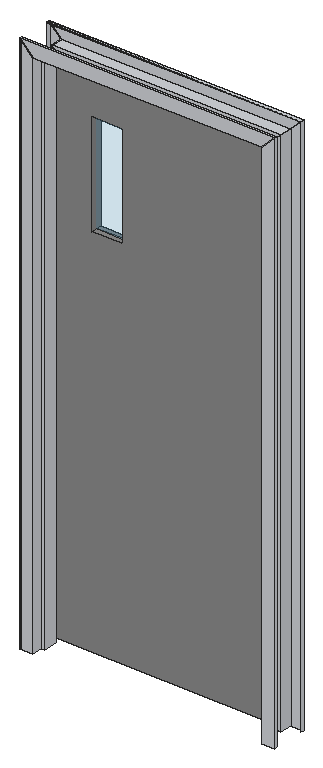
Revit family "Ext-N-MDMF-36 x 84", category Doors, host Wall, Revit 2014
Parameters (values of type "Ext-N-MDMF-36" x 84"")
  Width = Door Panel Width  # 3' - 0"
  Wall Thickness [instance] = 0' - 5 3/4"
  URL = ""
  Type Comments = "EXT,"
  Thickness = 0' - 1 3/4"
  Swing Angle [instance] = 90.00°
  SDI RO Spacing = 0' - 0"
  SDI Panel 1 Width = Leaf Width + 0' 0 3/16"  # 3' - 0"
  SDI No Panels = ""
  SDI HW Set [instance] = ""
  SDI HW Item LO-2 [instance] = ""
  SDI HW Item LO-1 [instance] = ""
  SDI HW Item KP-2 [instance] = ""
  SDI HW Item KP-1 [instance] = ""
  SDI HW Item HI-2 [instance] = ""
  SDI HW Item HI-1 [instance] = ""
  SDI HW Item HC-2 [instance] = ""
  SDI HW Item HC-1 [instance] = ""
  SDI HW Item ED-2 [instance] = ""
  SDI HW Item ED-1 [instance] = ""
  SDI HW Item DO-2 [instance] = ""
  SDI HW Item DO-1 [instance] = ""
  SDI HW Item CL-2 [instance] = ""
  SDI HW Item CL-1 [instance] = ""
  SDI Glass Material = Glass
  SDI Frame Type = "3 Piece"
  SDI Frame Material Type = "Hollow Metal"
  SDI Frame Material = Paint - Generic - Prime
  SDI Frame Manufacturer = ""
  SDI Frame Jamb Width = 0' - 2"
  SDI Frame Head Width = 0' - 2"
  SDI Frame Finish Type = "Painted"
  SDI Frame Finish Color = "Prime"
  SDI Frame Depth [instance] = 0' - 5 3/4"
  SDI Family Version = "1.0"
  SDI Door Top Rail Width = 0' - 7 3/4"
  SDI Door Stile Width = 0' - 6"
  SDI Door Panel Type = "N"
  SDI Door Material Type = "Hollow Metal"
  SDI Door Material = Paint - Generic - Prime
  SDI Door Manufacturer = ""
  SDI Door Glass Type = "1/4\" Tempered"
  SDI Door Finish Type = "Painted"
  SDI Door Finish Color = "Prime"
  SDI Door Configuration = "SG"
  SDI Door Bottom Rail Width = 5' - 0"
  SDI Arch Frame Type [instance] = ""
  SDI Arch Frame Material Type [instance] = "HM"
  SDI Arch Door Panel Type [instance] = "N"
  SDI Arch Door Material Type [instance] = "HM"
  Rough Width = Frame Width - 0' 0" + 2 * SDI RO Spacing  # 3' - 4"
  Rough Height = Frame Height - 0' 0" + SDI RO Spacing  # 7' - 2"
  R1 Height = 7' - 0"
  P1 Width = 3' - 2"
  Model = "Ext-N-MDMF-36\" x 84\""
  Manufacturer = ""
  Leaf Width = P1 Width - 0' 2 3/16"  # 2' - 11 13/16"
  Height = Door Panel Height  # 7' - 0"
  Glass Offset [instance] = 0' 2 1/16" + (SDI Frame Depth - 0' 5 3/4") / 2  # 0' - 2 1/16"
  Function = Exterior
  Frame Width = P1 Width + 0' 2"  # 3' - 4"
  Frame Offset [instance] = if(Aligned Exterior, SDI Frame Depth / 2, if(Aligned Center, Wall Thickness / 2, if(Aligned Interior, Wall Thickness - SDI Frame Depth + SDI Frame Depth / 2, Aligned Other)))  # 0' - 2 7/8"
  Frame Height = R1 Height + 0' 2"  # 7' - 2"
  Fire Rating = ""
  Exterior Glazing [instance] = no
  Door Panel Width = P1 Width - 0' 2"  # 3' - 0"
  Door Panel Height = R1 Height + 0' 2" - (0' 2")  # 7' - 0"
  Door Offset [instance] = 0' 2 13/16" + (SDI Frame Depth - 0' 5 3/4") / 2  # 0' - 2 13/16"
  Description = "Hollow Metal Door with Hollow Metal Frame"
  Cost = 0
  Assembly Code = "B2030120"
  Analytic Construction = "<None>"
  Aligned Other [instance] = 0' - 0"
  Aligned Interior [instance] = no
  Aligned Exterior [instance] = yes
  Aligned Center [instance] = no
  ADA Clearance Lines = no
Reference planes (in)
  plane 1: y = 0
  plane 2 "Center (Left/Right)": x = 0
  plane 3 "Wall Edge": y = 2.875
  plane 4 "Wall Interior": y = -2.875
  plane 5 "ModelRefLevel": z = 0
  plane 6 "FrameDepthPlane": y = 0
  plane 7 "FrameFront": y = 2.875
  plane 8 "FrameBack": y = -2.875
  plane 9 "V0": x = 19
  plane 10 "V1": x = -19
  plane 11 "H0": z = 1
  plane 12 "H1": z = 85
  plane 13 "DoorLeft": x = 18
  plane 14 "DoorRight": x = -18
  plane 15 "DoorCenter": x = 0
  plane 16 "DoorTop": z = 83.875
  plane 17 "DoorCenterTB": z = 41.9375
  plane 18 "DoorExtFace": y = 2.8125
  plane 19 "DoorGlassFace": y = 2.0625
  plane 20 "LockCenterLine": z = 41.3125
  plane 21 "DoorExtFace1": y = 2.0625
  plane 22 "GlassLeft1": x = -6.90625
  plane 23 "GlassRight1": x = -11.90625
  plane 24 "ActDoorLeft": x = 17.90625
  plane 25 "SwingClrPlane": y = 62.875
  plane 26 "SwingPartialPlane": y = 50.875
Forms (in)
  Extrusion 1, solid
    sketch origin (138.6875, 0, 43) x (-1, 0, 0) y (0, -1, 0)
      loop
        line (118.6875, -2.375) -> (118.6875, -2.875) -> (120.6875, -2.875) -> (120.6875, -0.9375) -> (121.3125, -0.9375) -> (121.3125, 1.3125) -> (120.6875, 1.3125) -> (120.6875, 2.875) -> (118.6875, 2.875) -> (118.6875, 2.4375) -> (118.75, 2.4375) -> (118.75, 2.8125) -> (120.625, 2.8125) -> (120.625, 1.25) -> (121.25, 1.25) -> (121.25, -0.875) -> (120.625, -0.875) -> (120.625, -2.8125) -> (118.75, -2.8125) -> (118.75, -2.375) -> (118.6875, -2.375)
    from -43 to 43
  Extrusion 2, void
    sketch origin (0, 2.875, 0) x (1, 0, 0) y (0, 0, 1)
      loop
        line (20, 86) -> (17.375, 86) -> (17.375, 83.375) -> (20, 86)
    from -12 to 12
  Extrusion 3, solid
    sketch origin (101.3125, 0, 43) x (-1, 0, 0) y (0, -1, 0)
      loop
        line (121.25, -2.375) -> (121.25, -2.8125) -> (119.375, -2.8125) -> (119.375, -0.875) -> (118.75, -0.875) -> (118.75, 1.25) -> (119.375, 1.25) -> (119.375, 2.8125) -> (121.25, 2.8125) -> (121.25, 2.4375) -> (121.3125, 2.4375) -> (121.3125, 2.875) -> (119.3125, 2.875) -> (119.3125, 1.3125) -> (118.6875, 1.3125) -> (118.6875, -0.9375) -> (119.3125, -0.9375) -> (119.3125, -2.875) -> (121.3125, -2.875) -> (121.3125, -2.375) -> (121.25, -2.375)
    from -43 to 43
  Extrusion 4, void
    sketch origin (0, 2.875, 0) x (1, 0, 0) y (0, 0, 1)
      loop
        line (-20, 86) -> (-17.375, 83.375) -> (-17.375, 86) -> (-20, 86)
    from -12 to 12
  Extrusion 5, solid
    sketch origin (0, 0, 84.6875) x (0, 1, 0) y (0, 0, 1)
      loop
        line (2.375, 1.25) -> (2.8125, 1.25) -> (2.8125, -0.625) -> (0.875, -0.625) -> (0.875, -1.25) -> (-1.25, -1.25) -> (-1.25, -0.625) -> (-2.8125, -0.625) -> (-2.8125, 1.25) -> (-2.4375, 1.25) -> (-2.4375, 1.3125) -> (-2.875, 1.3125) -> (-2.875, -0.6875) -> (-1.3125, -0.6875) -> (-1.3125, -1.3125) -> (0.9375, -1.3125) -> (0.9375, -0.6875) -> (2.875, -0.6875) -> (2.875, 1.3125) -> (2.375, 1.3125) -> (2.375, 1.25)
    from -20 to 20
  Extrusion 6, void
    sketch origin (0, 2.875, 0) x (1, 0, 0) y (0, 0, 1)
      loop
        line (-20, 86) -> (-20, 83.375) -> (-17.375, 83.375) -> (-20, 86)
    from -12 to 12
  Extrusion 7, void
    sketch origin (0, 2.875, 0) x (1, 0, 0) y (0, 0, 1)
      loop
        line (20, 86) -> (17.375, 83.375) -> (20, 83.375) -> (20, 86)
    from -12 to 12
  Extrusion 8, solid, material "Paint - Generic - Prime" <- "SDI Door Material"
    sketch origin (-60, 2.8125, -12) x (1, 0, 0) y (0, 0, 1)
      loop
        line (77.90625, 12.625) -> (77.90625, 95.875) -> (42.09375, 95.875) -> (42.09375, 12.625) -> (77.90625, 12.625)
      loop
        line (53.09375, 71.875) -> (53.09375, 88.125) -> (48.09375, 88.125) -> (48.09375, 71.875) -> (53.09375, 71.875)
    from 0 to 1.75
  Extrusion 9, solid, material "Glass" <- "SDI Glass Material"
    sketch origin (-60, 2.0625, -12) x (1, 0, 0) y (0, 0, 1)
      loop
        line (48.09375, 71.875) -> (53.09375, 71.875) -> (53.09375, 88.125) -> (48.09375, 88.125) -> (48.09375, 71.875)
    from 0 to 0.25
Cuts and joins
  Extrusion 2 cuts Extrusion 1
  Extrusion 4 cuts Extrusion 3
  Extrusion 6, Extrusion 7 cuts Extrusion 5
Lines and regions (in)
  Opening 1
    outline origin (-60, -2.875, 0) x (1, 0, 0) y (0, 0, 1)
      loop
        line (80, 0) -> (80, 86) -> (40, 86) -> (40, 0) -> (80, 0)
  symbolic lines, style "DoorsFrameMullionProjection", detail levels fine
    curve 1: line (20, 2.375, 0) -> (20, 2.875, 0)
    curve 2: line (20, 2.875, 0) -> (18, 2.875, 0)
    curve 3: line (18, 2.875, 0) -> (18, 0.9375, 0)
    curve 4: line (18, 0.9375, 0) -> (17.375, 0.9375, 0)
    curve 5: line (17.375, 0.9375, 0) -> (17.375, -1.3125, 0)
    curve 6: line (17.375, -1.3125, 0) -> (18, -1.3125, 0)
    curve 7: line (18, -1.3125, 0) -> (18, -2.875, 0)
    curve 8: line (18, -2.875, 0) -> (20, -2.875, 0)
    curve 9: line (20, -2.875, 0) -> (20, -2.4375, 0)
    curve 10: line (20, -2.4375, 0) -> (19.9375, -2.4375, 0)
    curve 11: line (19.9375, -2.4375, 0) -> (19.9375, -2.8125, 0)
    curve 12: line (19.9375, -2.8125, 0) -> (18.0625, -2.8125, 0)
    curve 13: line (18.0625, -2.8125, 0) -> (18.0625, -1.25, 0)
    curve 14: line (18.0625, -1.25, 0) -> (17.4375, -1.25, 0)
    curve 15: line (17.4375, -1.25, 0) -> (17.4375, 0.875, 0)
    curve 16: line (17.4375, 0.875, 0) -> (18.0625, 0.875, 0)
    curve 17: line (18.0625, 0.875, 0) -> (18.0625, 2.8125, 0)
    curve 18: line (18.0625, 2.8125, 0) -> (19.9375, 2.8125, 0)
    curve 19: line (19.9375, 2.8125, 0) -> (19.9375, 2.375, 0)
    curve 20: line (19.9375, 2.375, 0) -> (20, 2.375, 0)
    curve 25: line (-19.9375, 2.375, 0) -> (-19.9375, 2.8125, 0)
    curve 26: line (-19.9375, 2.8125, 0) -> (-18.0625, 2.8125, 0)
    curve 27: line (-18.0625, 2.8125, 0) -> (-18.0625, 0.875, 0)
    curve 28: line (-18.0625, 0.875, 0) -> (-17.4375, 0.875, 0)
    curve 29: line (-17.4375, 0.875, 0) -> (-17.4375, -1.25, 0)
    curve 30: line (-17.4375, -1.25, 0) -> (-18.0625, -1.25, 0)
    curve 31: line (-18.0625, -1.25, 0) -> (-18.0625, -2.8125, 0)
    curve 32: line (-18.0625, -2.8125, 0) -> (-19.9375, -2.8125, 0)
    curve 33: line (-19.9375, -2.8125, 0) -> (-19.9375, -2.4375, 0)
    curve 34: line (-19.9375, -2.4375, 0) -> (-20, -2.4375, 0)
    curve 35: line (-20, -2.4375, 0) -> (-20, -2.875, 0)
    curve 36: line (-20, -2.875, 0) -> (-18, -2.875, 0)
    curve 37: line (-18, -2.875, 0) -> (-18, -1.3125, 0)
    curve 38: line (-18, -1.3125, 0) -> (-17.375, -1.3125, 0)
    curve 39: line (-17.375, -1.3125, 0) -> (-17.375, 0.9375, 0)
    curve 40: line (-17.375, 0.9375, 0) -> (-18, 0.9375, 0)
    curve 41: line (-18, 0.9375, 0) -> (-18, 2.875, 0)
    curve 42: line (-18, 2.875, 0) -> (-20, 2.875, 0)
    curve 43: line (-20, 2.875, 0) -> (-20, 2.375, 0)
    curve 44: line (-20, 2.375, 0) -> (-19.9375, 2.375, 0)
  symbolic lines, style "DoorsFrameMullionProjection", detail levels coarse+medium
    curve 21: line (18, -2.875, 0) -> (20, -2.875, 0)
    curve 22: line (18, 2.875, 0) -> (20, 2.875, 0)
    curve 23: line (18, -2.875, 0) -> (18, 2.875, 0)
    curve 24: line (20, -2.875, 0) -> (20, 2.875, 0)
    curve 45: line (-20, -2.875, 0) -> (-18, -2.875, 0)
    curve 46: line (-20, 2.875, 0) -> (-18, 2.875, 0)
    curve 47: line (-20, -2.875, 0) -> (-20, 2.875, 0)
    curve 48: line (-18, -2.875, 0) -> (-18, 2.875, 0)
  symbolic lines, style "Elevation Swing"
    curve 49: line (-17.90625, 2.875, 83.875) -> (17.90625, 2.875, 41.9375)
    curve 50: line (-17.90625, 2.875, 0) -> (17.90625, 2.875, 41.9375)
  symbolic lines, style "ADA Clearance", visible <- "ADA Clearance Lines"
    curve 51: line (20, 2.875, 0) -> (20, 62.875, 0)
    curve 52: line (-36, 62.875, 0) -> (20, 62.875, 0)
    curve 53: line (-36, 50.875, 0) -> (20, 50.875, 0)
    curve 54: line (-36, 2.875, 0) -> (-36, 62.875, 0)
    curve 55: line (20, -2.875, 0) -> (20, -50.875, 0)
    curve 56: line (-30, -50.875, 0) -> (20, -50.875, 0)
    curve 57: line (-30, -2.875, 0) -> (-30, -50.875, 0)
Text (in)
  text "Placement Side" at (0, 40.15149, 123.01588), in view "Right"
  text "Placement Side" at (-70.3804, 28.46503, 0), in view "Ref. Level"
  text "Placement Side" at (0, 81.62555, 140.59947), in view "Left"
Dimensions and locks (in)
  locked: plane 3 "Wall Edge" to host wall
  equal spacing: host wall, plane 2 "Center (Left/Right)", host wall
  "Rough Width": host wall to host wall
  "Rough Height": level to host wall
  equal spacing: plane 3 "Wall Edge", plane 1, plane 4 "Wall Interior"
  "Wall Thickness": host wall to host wall
  "Frame Offset": plane 3 "Wall Edge" to plane 6 "FrameDepthPlane"
  equal spacing: plane 7 "FrameFront", plane 6 "FrameDepthPlane", plane 8 "FrameBack"
  "SDI Frame Depth": plane 7 "FrameFront" to plane 8 "FrameBack"
  equal spacing: plane 9 "V0", plane 2 "Center (Left/Right)", plane 10 "V1"
  "P1 Width": plane 9 "V0" to plane 10 "V1"
  "R1 Height": plane 11 "H0" to plane 12 "H1"
  locked: plane 12 "H1" to Extrusion 1 at 1
  locked: plane 11 "H0" to Extrusion 1 at 1
  locked: plane 9 "V0" to Extrusion 1 at 1  (x4)
  locked: plane 9 "V0" to Extrusion 1 at 0.9375  (x5)
  locked: plane 9 "V0" to Extrusion 1 at 1.5625
  locked: plane 9 "V0" to Extrusion 1 at 1.625
  locked: plane 12 "H1" to Extrusion 3 at 1
  locked: plane 11 "H0" to Extrusion 3 at 1
  locked: plane 10 "V1" to Extrusion 3 at 0.9375  (x4)
  locked: plane 10 "V1" to Extrusion 3 at 1  (x5)
  locked: plane 10 "V1" to Extrusion 3 at 1.625
  locked: plane 10 "V1" to Extrusion 3 at 1.5625
  locked: plane 9 "V0" to Extrusion 5 at 1
  locked: plane 10 "V1" to Extrusion 5 at 1
  locked: plane 12 "H1" to Extrusion 5 at 0.9375  (x5)
  locked: plane 12 "H1" to Extrusion 5 at 1.5625
  locked: plane 12 "H1" to Extrusion 5 at 1  (x4)
  locked: plane 12 "H1" to Extrusion 5 at 1.625
  locked: plane 7 "FrameFront" to cut or joined group of Extrusion 1, Extrusion 2 at 1.9375
  locked: plane 7 "FrameFront" to cut or joined group of Extrusion 1, Extrusion 2 at 2
  locked: plane 7 "FrameFront" to cut or joined group of Extrusion 1, Extrusion 2 at 0.0625
  locked: plane 7 "FrameFront" to cut or joined group of Extrusion 1, Extrusion 2 at 0.5
  locked: plane 8 "FrameBack" to cut or joined group of Extrusion 1, Extrusion 2 at 1.5625
  locked: plane 8 "FrameBack" to cut or joined group of Extrusion 1, Extrusion 2 at 0.4375
  locked: plane 8 "FrameBack" to cut or joined group of Extrusion 1, Extrusion 2 at 0.0625
  locked: plane 8 "FrameBack" to cut or joined group of Extrusion 1, Extrusion 2 at 1.625
  locked: plane 7 "FrameFront" to cut or joined group of Extrusion 3, Extrusion 4 at 0.0625
  locked: plane 7 "FrameFront" to cut or joined group of Extrusion 3, Extrusion 4 at 2
  locked: plane 7 "FrameFront" to cut or joined group of Extrusion 3, Extrusion 4 at 1.9375
  locked: plane 7 "FrameFront" to cut or joined group of Extrusion 3, Extrusion 4 at 0.5
  locked: plane 8 "FrameBack" to cut or joined group of Extrusion 3, Extrusion 4 at 1.625
  locked: plane 8 "FrameBack" to cut or joined group of Extrusion 3, Extrusion 4 at 0.0625
  locked: plane 8 "FrameBack" to cut or joined group of Extrusion 3, Extrusion 4 at 0.4375
  locked: plane 8 "FrameBack" to cut or joined group of Extrusion 3, Extrusion 4 at 1.5625
  locked: plane 7 "FrameFront" to cut or joined group of Extrusion 5, Extrusion 6, Extrusion 7 at 0.0625
  locked: plane 7 "FrameFront" to cut or joined group of Extrusion 5, Extrusion 6, Extrusion 7 at 2
  locked: plane 7 "FrameFront" to cut or joined group of Extrusion 5, Extrusion 6, Extrusion 7 at 1.9375
  locked: plane 7 "FrameFront" to cut or joined group of Extrusion 5, Extrusion 6, Extrusion 7 at 0.5
  locked: plane 8 "FrameBack" to cut or joined group of Extrusion 5, Extrusion 6, Extrusion 7 at 1.625
  locked: plane 8 "FrameBack" to cut or joined group of Extrusion 5, Extrusion 6, Extrusion 7 at 0.0625
  locked: plane 8 "FrameBack" to cut or joined group of Extrusion 5, Extrusion 6, Extrusion 7 at 0.4375
  locked: plane 8 "FrameBack" to cut or joined group of Extrusion 5, Extrusion 6, Extrusion 7 at 1.5625
  locked: plane 7 "FrameFront" to curve 4 at 1.9375
  locked: plane 7 "FrameFront" to curve 16 at 2
  locked: plane 7 "FrameFront" to curve 18 at 0.0625
  locked: plane 7 "FrameFront" to curve 20 at 0.5
  locked: plane 7 "FrameFront" to curve 26 at 0.0625
  locked: plane 7 "FrameFront" to curve 28 at 2
  locked: plane 7 "FrameFront" to curve 40 at 1.9375
  locked: plane 7 "FrameFront" to curve 44 at 0.5
  locked: plane 8 "FrameBack" to curve 6 at 1.5625
  locked: plane 8 "FrameBack" to curve 10 at 0.4375
  locked: plane 8 "FrameBack" to curve 12 at 0.0625
  locked: plane 8 "FrameBack" to curve 14 at 1.625
  locked: plane 8 "FrameBack" to curve 30 at 1.625
  locked: plane 8 "FrameBack" to curve 32 at 0.0625
  locked: plane 8 "FrameBack" to curve 34 at 0.4375
  locked: plane 8 "FrameBack" to curve 38 at 1.5625
  locked: plane 9 "V0" to plane 13 "DoorLeft" at 1
  locked: plane 10 "V1" to plane 14 "DoorRight" at 1
  locked: plane 12 "H1" to plane 16 "DoorTop" at 1.125
  equal spacing: plane 16 "DoorTop", plane 17 "DoorCenterTB", plane 5 "ModelRefLevel"
  "Door Offset": plane 6 "FrameDepthPlane" to plane 18 "DoorExtFace"
  "Glass Offset": plane 6 "FrameDepthPlane" to plane 19 "DoorGlassFace"
  locked: plane 20 "LockCenterLine" to plane 5 "ModelRefLevel" at 41.3125
  locked: Extrusion 8 to Extrusion 8 at 1.75
  locked: plane 6 "FrameDepthPlane" to plane 21 "DoorExtFace1" at 2.0625
  locked: plane 14 "DoorRight" to plane 23 "GlassRight1" at 6.09375
  locked: plane 22 "GlassLeft1" to plane 23 "GlassRight1" at 5
  locked: Extrusion 9 to Extrusion 9 at 0.25
  locked: plane 13 "DoorLeft" to Extrusion 8 at 0.09375
  locked: plane 14 "DoorRight" to Extrusion 8 at 0.09375
  locked: plane 20 "LockCenterLine" to Extrusion 8 at 18.5625
  locked: plane 5 "ModelRefLevel" to Extrusion 8 at 0.625
  locked: plane 16 "DoorTop" to Extrusion 8 at 7.75
  locked: plane 16 "DoorTop" to Extrusion 9 at 7.75
  locked: plane 20 "LockCenterLine" to Extrusion 9 at 18.5625
  locked: plane 13 "DoorLeft" to plane 24 "ActDoorLeft" at 0.09375
  locked: plane 3 "Wall Edge" to plane 25 "SwingClrPlane" at 60
  locked: plane 3 "Wall Edge" to plane 26 "SwingPartialPlane" at 48
  aligned and locked: plane 4 "Wall Interior" to host wall
  aligned and locked: cut or joined group of Extrusion 1, Extrusion 2 to plane 7 "FrameFront"
  aligned and locked: plane 8 "FrameBack" to cut or joined group of Extrusion 1, Extrusion 2
  aligned and locked: cut or joined group of Extrusion 3, Extrusion 4 to plane 7 "FrameFront"
  aligned and locked: plane 8 "FrameBack" to cut or joined group of Extrusion 3, Extrusion 4
  aligned and locked: cut or joined group of Extrusion 5, Extrusion 6, Extrusion 7 to plane 7 "FrameFront"
  aligned and locked: plane 8 "FrameBack" to cut or joined group of Extrusion 5, Extrusion 6, Extrusion 7
  aligned and locked: curve 2 to plane 7 "FrameFront"
  aligned and locked: plane 7 "FrameFront" to curve 22
  aligned and locked: curve 42 to plane 7 "FrameFront"
  aligned and locked: plane 7 "FrameFront" to curve 46
  aligned and locked: plane 8 "FrameBack" to curve 8
  aligned and locked: plane 8 "FrameBack" to curve 36
  aligned and locked: Extrusion 8 to plane 18 "DoorExtFace"
  aligned and locked: Extrusion 9 to plane 21 "DoorExtFace1"
  aligned and locked: Extrusion 8 to plane 23 "GlassRight1"
  aligned and locked: Extrusion 8 to plane 22 "GlassLeft1"
  aligned and locked: Extrusion 8 to plane 16 "DoorTop"
  aligned and locked: Extrusion 9 to plane 22 "GlassLeft1"
  aligned and locked: Extrusion 9 to plane 23 "GlassRight1"
  aligned and locked: plane 7 "FrameFront" to nested 1
  aligned and locked: plane 24 "ActDoorLeft" to nested 1
  aligned and locked: plane 25 "SwingClrPlane" to curve 52
  aligned and locked: plane 26 "SwingPartialPlane" to curve 53
Automatic sketch dimensions
  Opening 1 sketch curve to level = 0' - 0"
  Opening 1 sketch curve to plane 2 "Center (Left/Right)" = 1' - 8"
  plane 2 "Center (Left/Right)" to Opening 1 sketch curve = 1' - 8"
  level to Opening 1 sketch curve = 7' - 2"
  Extrusion 2 sketch curve to plane 9 "V0" = 0' - 1 5/8"
  plane 9 "V0" to Extrusion 2 sketch curve = 0' - 1"
  plane 12 "H1" to Extrusion 2 sketch curve = 0' - 1 5/8"
  Extrusion 2 sketch curve to plane 12 "H1" = 0' - 1"
  Extrusion 1 sketch curve to host wall = 0' - 0"
  host wall to Extrusion 1 sketch curve = 0' - 0"
  Extrusion 1 sketch curve to host wall = 0' - 0 1/2"
  plane 2 "Center (Left/Right)" to Extrusion 1 sketch curve = 1' - 8"  (x2)
  Extrusion 1 sketch curve to host wall = 0' - 0 7/16"
  Extrusion 1 sketch curve to Extrusion 1 sketch curve = 0' - 0 1/16"  (x7)
  plane 2 "Center (Left/Right)" to Extrusion 1 sketch curve = 1' - 6 1/16"  (x2)
  Extrusion 1 sketch curve to host wall = 0' - 0 1/16"  (x2)
  Extrusion 1 sketch curve to Extrusion 1 sketch curve = 0' - 0 9/16"
  Extrusion 1 sketch curve to host wall = 0' - 0 15/16"
  host wall to Extrusion 1 sketch curve = 0' - 1 1/4"
  plane 9 "V0" to curve 1 = 0' - 1"
  curve 6 to curve 5 = 0' - 0 5/8"
  curve 7 to plane 9 "V0" = 0' - 1"
  curve 9 to curve 10 = 0' - 0 1/16"
  curve 12 to curve 7 = 0' - 0 1/16"
  curve 14 to curve 5 = 0' - 0 1/16"
  curve 16 to curve 3 = 0' - 0 1/16"
  curve 1 to curve 18 = 0' - 0 1/16"
  Extrusion 4 sketch curve to plane 10 "V1" = 0' - 1"
  plane 10 "V1" to Extrusion 4 sketch curve = 0' - 1 5/8"
  plane 12 "H1" to Extrusion 4 sketch curve = 0' - 1 5/8"
  Extrusion 4 sketch curve to plane 12 "H1" = 0' - 1"
  host wall to Extrusion 3 sketch curve = 0' - 0"
  Extrusion 3 sketch curve to host wall = 0' - 0"
  Extrusion 3 sketch curve to plane 2 "Center (Left/Right)" = 1' - 5 3/8"
  Extrusion 3 sketch curve to Extrusion 3 sketch curve = 0' - 0 1/16"  (x7)
  Extrusion 3 sketch curve to Extrusion 3 sketch curve = 0' - 0 9/16"  (x2)
  Extrusion 3 sketch curve to host wall = 0' - 0 7/16"
  Extrusion 3 sketch curve to plane 2 "Center (Left/Right)" = 1' - 7 15/16"  (x2)
  Extrusion 3 sketch curve to host wall = 0' - 0 1/2"
  Extrusion 3 sketch curve to host wall = 0' - 0 1/16"  (x2)
  Extrusion 3 sketch curve to host wall = 0' - 0 15/16"
  host wall to Extrusion 3 sketch curve = 0' - 1 1/4"
  plane 10 "V1" to curve 26 = 0' - 0 15/16"
  curve 29 to curve 30 = 0' - 0 5/8"
  curve 32 to plane 10 "V1" = 0' - 0 15/16"
  curve 33 to curve 34 = 0' - 0 1/16"
  curve 36 to curve 31 = 0' - 0 1/16"
  curve 38 to curve 29 = 0' - 0 1/16"
  curve 40 to curve 27 = 0' - 0 1/16"
  curve 25 to curve 42 = 0' - 0 1/16"
  Extrusion 6 sketch curve to plane 10 "V1" = 0' - 1"
  plane 10 "V1" to Extrusion 6 sketch curve = 0' - 1 5/8"
  plane 12 "H1" to Extrusion 6 sketch curve = 0' - 1 5/8"
  Extrusion 6 sketch curve to plane 12 "H1" = 0' - 1"
  Extrusion 7 sketch curve to plane 9 "V0" = 0' - 1 5/8"
  plane 9 "V0" to Extrusion 7 sketch curve = 0' - 1"
  plane 12 "H1" to Extrusion 7 sketch curve = 0' - 1 5/8"
  Extrusion 7 sketch curve to plane 12 "H1" = 0' - 1"
  Extrusion 5 sketch curve to host wall = 0' - 0"  (x2)
  Extrusion 5 sketch curve to host wall = 0' - 0 1/16"  (x2)
  Extrusion 5 sketch curve to Extrusion 5 sketch curve = 0' - 0 3/8"
  host wall to Extrusion 5 sketch curve = 0' - 1 5/16"
  Extrusion 5 sketch curve to Extrusion 5 sketch curve = 0' - 0 1/16"  (x7)
  Extrusion 5 sketch curve to host wall = 0' - 0 7/8"
  Extrusion 5 sketch curve to host wall = 0' - 0 1/2"
  level to Extrusion 5 sketch curve = 6' - 11 3/8"
  Extrusion 5 sketch curve to Extrusion 5 sketch curve = 0' - 0 9/16"  (x2)
  Extrusion 5 sketch curve to plane 11 "H0" = 7' - 0 15/16"  (x2)
  Extrusion 8 sketch curve to plane 16 "DoorTop" = 0' - 0"
  plane 14 "DoorRight" to Extrusion 8 sketch curve = 0' - 0 3/32"
  plane 14 "DoorRight" to Extrusion 8 sketch curve = 0' - 6 3/32"
  Extrusion 8 sketch curve to Extrusion 8 sketch curve = 0' - 5"
  Extrusion 8 sketch curve to plane 13 "DoorLeft" = 0' - 0 3/32"
  plane 16 "DoorTop" to Extrusion 8 sketch curve = 0' - 7 3/4"
  Extrusion 8 sketch curve to Extrusion 8 sketch curve = 1' - 4 1/4"
  plane 11 "H0" to Extrusion 8 sketch curve = 0' - 0 3/8"
  plane 14 "DoorRight" to Extrusion 9 sketch curve = 0' - 6 3/32"
  Extrusion 9 sketch curve to Extrusion 9 sketch curve = 0' - 5"
  Extrusion 9 sketch curve to plane 17 "DoorCenterTB" = 1' - 5 15/16"
  plane 16 "DoorTop" to Extrusion 9 sketch curve = 0' - 7 3/4"
  curve 49 to plane 16 "DoorTop" = 0' - 0"
  curve 49 to plane 17 "DoorCenterTB" = 0' - 0"
  plane 14 "DoorRight" to curve 49 = 0' - 0 3/32"
  curve 50 to level = 0' - 0"
  curve 50 to plane 24 "ActDoorLeft" = 0' - 0"
  plane 14 "DoorRight" to curve 50 = 0' - 0 3/32"
  curve 51 to host wall = 0' - 0"
  plane 9 "V0" to curve 51 = 0' - 1"
  curve 54 to host wall = 0' - 0"
  host wall to curve 55 = 0' - 0"
  plane 9 "V0" to curve 55 = 0' - 1"
  host wall to curve 55 = 4' - 0"
  curve 56 to plane 10 "V1" = 0' - 11"
  host wall to curve 57 = 0' - 0"
  curve 57 to curve 54 = 0' - 6"
Nested families (in)
  nested 1: "SingleDoorPlanLines" at (17.90625, 2.875, 0.625), type "SingleDoorPlanLines"
Definition of nested family "SingleDoorPlanLines"
  Parameters (values of type "SingleDoorPlanLines")
    Width = 3' - 0"
    URL = ""
    Thickness = 0' - 1 3/4"
    Analytic Construction = "<None>"
    Swing Angle = 90.00°
  Reference planes (in)
    plane 1 "Front": y = 0
    plane 2: z = 0
    plane 3 "Right": x = 0
    plane 4 "Left": x = -36
  Lines and regions (in)
    symbolic lines, style "DoorsPanelProjection"
      curve 1: line (0, 0, 0) -> (0, 36, 0)
      curve 2: line (0, 36, 0) -> (-1.75, 36, 0)
      curve 3: line (-1.75, 36, 0) -> (-1.75, 0, 0)
      curve 4: line (-1.75, 0, 0) -> (0, 0, 0)
    model lines, style "InvisibleLines", not visible
      curve 5: line (0, 0, 0) -> (-38.99851, -0.34033, 0)
    symbolic lines, style "Plan Swing"
      curve 6: arc (-35.99863, -0.31416, 0) -> (-25.56667, 25.34453, 0) -> (0, 36, 0) r 36
  Dimensions and locks (in)
    "Thickness": curve 3 to curve 1
    "Width": curve 2 to curve 4
    "Width": plane 4 "Left" to plane 3 "Right"
    "Swing Angle": angle curve 1 to plane 1 "Front"
    locked: plane 1 "Front" to curve 5 (angle 0.50°)
  Automatic sketch dimensions
    curve 6 to plane 1 "Front" = 0' - 0"
    curve 6 to plane 3 "Right" = 0' - 0"
    curve 4 to plane 1 "Front" = 0' - 0"
    curve 4 to plane 3 "Right" = 0' - 0"
